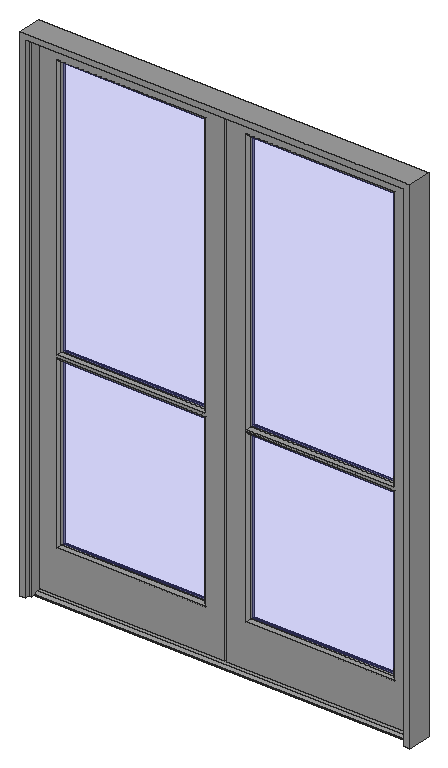
Revit family "MS-375 PIVOT DOOR-Double-0.25-CW_v05", category Curtain Panels, Revit 2015
Parameters
  Width [instance] = 6' - 2"
  URL = "obe.com"
  Rough Width = 6' - 0"
  Panel Width [instance] = Min Panel Width  # 6' - 0"
  Panel Offset [instance] = 0' - 0"
  Offset [instance] = 0' - 1"
  Model = "MS-375 DOOR"
  Min Rough Width = if(Rough Width > 6' 1 255/256", Rough Width, 6' 2")  # 6' - 2"
  Min Panel Width = if(Rough Width > 6' 1 255/256", Rough Width - 0' 2", 6' 0")  # 6' - 0"
  Manufacturer = "Oldcastle BuildingEnvelope®"
  Keynote = "08 11 00"
  Height [instance] = 8' - 0"
  Pushbar Height [instance] = 3' - 5 1/4"  # constant formula
  Glass Material = Glass
  Frame Material = Aluminum
  Door Panel Height [instance] = Height - 0' 0 19/32"  # 7' - 11 13/32"
  Description = "MS-375 - 1/4\" Door Infill"
  Assembly Code = "B2030"
  Analytic Construction = "<None>"
  8 Muntin [instance] = no
  6.5 Muntin [instance] = no
  10 Bottom Rail [instance] = not([8 Bottom Rail])  # no
  4 Muntin [instance] = no
  8 Bottom Rail [instance] = yes
  1.875 Muntin [instance] = no
  0.5 Muntin [instance] = if(or([1.875 Muntin], [4 Muntin], [6.5 Muntin], [8 Muntin]), 1 = 2, 1 = 1)  # yes
Reference planes (in)
  plane 1 "Front": y = 0
  plane 2: z = 0
  plane 3 "Center (Left/Right)": x = 0
  plane 4 "Left": x = -37
  plane 5 "Right": x = 37
  plane 6 "Top": z = 96
  plane 7 "Offset": y = -1
  plane 8: y = -2.28244
  plane 9: y = -2.28244
  plane 10: x = -37
  plane 11: x = 37
Forms (in)
  Sweep 1, solid, material "Aluminum" <- "Frame Material"
    path origin (0, -1, 0) x (-1, 0, 0) y (0, 0, 1)
      loop
        line (37, 0) -> (37, 96)
    profile origin (-37, -1, 48) x (1, 0, 0) y (0, 1, 0)
      loop
        line (1, -1.97) -> (1, 0) -> (0, 0) -> (0, -4.5) -> (1, -4.5) -> (1, -3.595) -> (1.5, -3.595) -> (1.5, -1.97) -> (1, -1.97)
  Sweep 2, solid, material "Aluminum" <- "Frame Material"
    path origin (0, -1, 0) x (-1, 0, 0) y (0, 0, 1)
      loop
        line (-37, 0) -> (-37, 96)
    profile origin (37, -1, 48) x (1, 0, 0) y (0, 1, 0)
      loop
        line (-1, -1.97) -> (-1.5, -1.97) -> (-1.5, -3.595) -> (-1, -3.595) -> (-1, -4.5) -> (0, -4.5) -> (0, 0) -> (-1, 0) -> (-1, -1.97)
  Extrusion 3, solid, material "Aluminum" <- "Frame Material"
    sketch origin (-37, 0, 0) x (0, -1, 0) y (0, 0, 1)
      loop
        line (2.97, 94.5) -> (4.595, 94.5) -> (4.595, 95) -> (5.5, 95) -> (5.5, 96) -> (1, 96) -> (1, 95) -> (2.97, 95) -> (2.97, 94.5)
    from -74 to 0
Cuts and joins
  joined: Sweep 1, Sweep 2, Extrusion 3
Text (in)
  text "Exterior" at (-54.29358, 31.38743, 0), in view "Ref. Level"
  text "Exterior" at (480, 41.53993, 89.60405), in view "Right"
  text "Exterior" at (-240, 57.82419, 105.78864), in view "Left"
Dimensions and locks (in)
  equal spacing: plane 4 "Left", plane 3 "Center (Left/Right)", plane 5 "Right"
  "Width": plane 4 "Left" to plane 5 "Right"
  "Height": plane 6 "Top" to plane 2
  "Offset": plane 1 "Front" to plane 7 "Offset"
  locked: plane 7 "Offset" to plane 8 at 1.28244
  locked: plane 7 "Offset" to plane 9 at 1.28244
  Extrusion 3 sketch curve to Extrusion 3 sketch curve to Extrusion 3 sketch curve = 0' - 0 1/2" locked, 0' - 0" locked
  locked: Extrusion 3 sketch curve to Extrusion 3 sketch curve at 1
  plane 7 "Offset" to Extrusion 3 sketch curve to Extrusion 3 sketch curve to Extrusion 3 sketch curve to Extrusion 3 sketch curve = 0' - 0" locked, 0' - 1.97" locked, 0' - 1 5/8" locked, 0' - 0.905" locked
  equal spacing: plane 10, plane 3 "Center (Left/Right)", plane 11
  "Min Rough Width": plane 10 to plane 11
  aligned and locked: level to plane 2
  aligned and locked: plane 6 "Top" to Sweep 1 sketch curve
  aligned and locked: level to Sweep 1 sketch curve
  aligned and locked: plane 6 "Top" to Sweep 2 sketch curve
  aligned and locked: level to Sweep 2 sketch curve
  aligned and locked: Extrusion 3 to plane 6 "Top"
  aligned and locked: Extrusion 3 sketch curve to plane 6 "Top"
  aligned and locked: nested 1 to plane 7 "Offset"  (x2)
  aligned and locked: plane 3 "Center (Left/Right)" to nested 1
  aligned and locked: Sweep 1 sketch curve to plane 10
  aligned and locked: cut or joined group of Sweep 1, Sweep 2, Extrusion 3 to plane 10
  aligned and locked: Sweep 2 sketch curve to plane 11
  aligned and locked: plane 11 to cut or joined group of Sweep 1, Sweep 2, Extrusion 3
Automatic sketch dimensions
  Sweep 1 sketch curve to profile plane = 0' - 0"
  Sweep 1 sketch curve to plane 7 "Offset" = 0' - 0"
  Sweep 1 sketch curve to profile plane = 0' - 1"  (x2)
  Sweep 1 sketch curve to Sweep 1 sketch curve = 0' - 0 1/2"
  Sweep 1 sketch curve to plane 7 "Offset" = 0' - 1.97"
  Sweep 1 sketch curve to Sweep 1 sketch curve = 0' - 1 5/8"
  Sweep 1 sketch curve to Sweep 1 sketch curve = 0' - 0.905"
  Sweep 2 sketch curve to plane 7 "Offset" = 0' - 0"
  Sweep 2 sketch curve to profile plane = 0' - 0"
  profile plane to Sweep 2 sketch curve = 0' - 1"  (x2)
  Sweep 2 sketch curve to Sweep 2 sketch curve = 0' - 0 1/2"
  Sweep 2 sketch curve to plane 7 "Offset" = 0' - 1.97"
  Sweep 2 sketch curve to Sweep 2 sketch curve = 0' - 1 5/8"
  Sweep 2 sketch curve to Sweep 2 sketch curve = 0' - 0.905"
Nested families (in)
  nested 1: "MS-375 PIVOT DOOR-Double-0.25-Panel_v04" at (0, -17, 0), Frame Material <- "Frame Material", Glass Material <- "Glass Material", 0.5 Muntin <- "0.5 Muntin", 1.875 Muntin <- "1.875 Muntin", 4 Muntin <- "4 Muntin", 6.5 Muntin <- "6.5 Muntin", 8 Muntin <- "8 Muntin", Height <- "Door Panel Height", Width <- "Min Panel Width", 8 Bottom Rail <- "8 Bottom Rail", type "MS-375 PIVOT DOOR-Double-0.25-Panel_v04"
    with Wing Width 3' - 0", built-in parameter 1001301 6' - 0", Pushbar Height 3' - 5 1/4", Offset 0' - 0", built-in parameter 1001300 7' - 11 13/32", Glass at Muntin 0' - 1 1/16", Glass Material Glass, Frame Material Aluminum, Bottom Rail 0' - 8 31/32", 8 Muntin no, 8 Bottom Rail yes, 6.5 Muntin no, 4 Muntin no, 1.875 Muntin no, 0.5 Muntin yes
Definition of nested family "MS-375 PIVOT DOOR-Double-0.25-Panel_v04"
  Parameters (values of type "MS-375 PIVOT DOOR-Double-0.25-Panel_v04")
    Wing Width [instance] = Width / 2  # 3' - 0"
    Width [instance] = 6' - 0"
    Offset [instance] = 0' - 10 29/32"
    Height [instance] = 8' - 0"
    Glass at Muntin [instance] = if([8 Muntin], 0' 8 9/16", if([6.5 Muntin], 0' 7 1/16", if([4 Muntin], 0' 4 9/16", if([1.875 Muntin], 0' 2 109/256", 0' 1 1/16"))))  # 0' - 1 1/16"
    Pushbar Height [instance] = 3' - 5 1/4"  # constant formula
    Glass Material [instance] = none
    Frame Material [instance] = none
    Bottom Rail [instance] = if([8 Bottom Rail], 0' 8 31/32", 0' 10 31/32")  # 0' - 8 31/32"
    Analytic Construction = "<None>"
    8 Muntin [instance] = no
    6.5 Muntin [instance] = no
    4 Muntin [instance] = no
    8 Bottom Rail [instance] = yes
    1.875 Muntin [instance] = no
    0.5 Muntin [instance] = if(or([1.875 Muntin], [4 Muntin], [6.5 Muntin], [8 Muntin]), 1 = 2, 1 = 1)  # yes
  Reference planes (in)
    plane 1 "00": y = 4.09375
    plane 2: z = 0
    plane 3 "Center (Left/Right)": x = 0
    plane 4: z = 96
    plane 5: x = 36
    plane 6: x = -36
    plane 7 "Center (Front/Back)": y = 16
    plane 8 "Exterior": y = 4.21875
    plane 9: z = 48
    plane 10: z = 92.18737
    plane 11: z = 41.78125
    plane 12: z = 40.71875
    plane 13: z = 8.96875
    plane 14 "Offset": y = 5.09375
    plane 15: z = 41.25
  Forms (in)
    Sweep 1, solid, material <- "Frame Material"
      path origin (0, 4.09375, 0) x (1, 0, 0) y (0, 0, 1)
        loop
          line (-35.79246, 96) -> (-0.22004, 96)
      profile origin (-18.00625, 4.09375, 96) x (0, 0, 1) y (0, -1, 0)
        loop
          line (-0.40638, -0.875) -> (-0.40638, 0.875) -> (-3.52731, 0.875) -> (-4.03138, 0.45204) -> (-4.03138, 0.125) -> (-3.81263, 0.125) -> (-3.81263, -0.125) -> (-4.03138, -0.125) -> (-4.03138, -0.45204) -> (-3.52731, -0.875) -> (-0.40638, -0.875)
    Sweep 2, solid, material <- "Frame Material"
      path origin (0, 4.09375, 0) x (1, 0, 0) y (0, 0, 1)
        loop
          line (-0.22004, 0) -> (-35.79246, 0)
      profile origin (-18.00625, 4.09375, 0) x (0, 0, -1) y (0, -1, 0)
        loop
          line (-8.68343, -0.875) -> (-0.6875, -0.875) -> (-0.6875, 0.875) -> (-8.68343, 0.875) -> (-9.1875, 0.45204) -> (-9.1875, 0.125) -> (-8.96875, 0.125) -> (-8.96875, -0.125) -> (-9.1875, -0.125) -> (-9.1875, -0.45204) -> (-8.68343, -0.875)
    Sweep 3, solid, material <- "Frame Material"
      path origin (0, 4.09375, 0) x (1, 0, 0) y (0, 0, 1)
        loop
          line (36, 95.59362) -> (36, 0.6875)
      profile origin (36, 4.09375, 48.14056) x (0, -1, 0) y (1, 0, 0)
        loop
          line (0.875, -0.19796) -> (-0.875, -0.08896) -> (-0.875, -3.83376) -> (-0.45204, -4.33783) -> (-0.125, -4.33783) -> (-0.125, -4.11908) -> (0.125, -4.11908) -> (0.125, -4.33783) -> (0.45204, -4.33783) -> (0.875, -3.83376) -> (0.875, -0.19796)
    Sweep 4, solid, material <- "Frame Material"
      path origin (0, 4.09375, 0) x (1, 0, 0) y (0, 0, 1)
        loop
          line (-36, 95.59362) -> (-36, 0.6875)
      profile origin (-36, 4.09375, 48.14056) x (0, -1, 0) y (1, 0, 0)
        loop
          line (-0.875, 0.09854) -> (0.875, 0.20754) -> (0.875, 3.84334) -> (0.45204, 4.34741) -> (0.125, 4.34741) -> (0.125, 4.12866) -> (-0.125, 4.12866) -> (-0.125, 4.34741) -> (-0.45204, 4.34741) -> (-0.875, 3.84334) -> (-0.875, 0.09854)
    Sweep 5, solid, material <- "Frame Material"
      path origin (0, 4.09375, 0) x (1, 0, 0) y (0, 0, 1)
        loop
          line (-3.80843, 48) -> (-35.79246, 48)
      profile origin (-19.80045, 4.09375, 48) x (0, 0, -1) y (0, -1, 0)
        loop
          line (6, 0.45204) -> (6, 0.125) -> (6.21875, 0.125) -> (6.21875, -0.125) -> (6, -0.125) -> (6, -0.45204) -> (6.50407, -0.875) -> (6.99593, -0.875) -> (7.5, -0.45204) -> (7.5, -0.125) -> (7.28125, -0.125) -> (7.28125, 0.125) -> (7.5, 0.125) -> (7.5, 0.45204) -> (6.99593, 0.875) -> (6.50407, 0.875) -> (6, 0.45204)
    Sweep 6, solid, material <- "Frame Material"
      path origin (0, 4.09375, 0) x (1, 0, 0) y (0, 0, 1)
        loop
          line (0, 95.59362) -> (0, 0.6875)
      profile origin (0, 4.09375, 48.14056) x (0, -1, 0) y (1, 0, 0)
        loop
          line (-0.875, -0.22004) -> (-0.875, -3.80843) -> (-0.45204, -4.3125) -> (-0.125, -4.3125) -> (-0.125, -4.09375) -> (0.125, -4.09375) -> (0.125, -4.3125) -> (0.45204, -4.3125) -> (0.875, -3.80843) -> (0.875, -0.22004)
          arc (0.875, -0.22004) -> (0, -0.0625) -> (-0.875, -0.22004) r 2.50872
        loop
          arc (-0.875, 0.22004) -> (0, 0.0625) -> (0.875, 0.22004) r 2.50872
          line (0.875, 0.22004) -> (0.875, 3.80843) -> (0.45204, 4.3125) -> (0.125, 4.3125) -> (0.125, 4.09375) -> (-0.125, 4.09375) -> (-0.125, 4.3125) -> (-0.45204, 4.3125) -> (-0.875, 3.80843) -> (-0.875, 0.22004)
    Sweep 7, solid, material <- "Frame Material"
      path origin (0, 4.09375, 0) x (1, 0, 0) y (0, 0, 1)
        loop
          line (0.22004, 96) -> (35.80204, 96)
      profile origin (18.01104, 4.09375, 96) x (0, 0, 1) y (0, -1, 0)
        loop
          line (-0.40638, -0.875) -> (-0.40638, 0.875) -> (-3.52731, 0.875) -> (-4.03138, 0.45204) -> (-4.03138, 0.125) -> (-3.81263, 0.125) -> (-3.81263, -0.125) -> (-4.03138, -0.125) -> (-4.03138, -0.45204) -> (-3.52731, -0.875) -> (-0.40638, -0.875)
    Sweep 8, solid, material <- "Frame Material"
      path origin (0, 4.09375, 0) x (1, 0, 0) y (0, 0, 1)
        loop
          line (35.80204, 48) -> (3.80843, 48)
      profile origin (19.80524, 4.09375, 48) x (0, 0, -1) y (0, -1, 0)
        loop
          line (6, 0.45204) -> (6, 0.125) -> (6.21875, 0.125) -> (6.21875, -0.125) -> (6, -0.125) -> (6, -0.45204) -> (6.50407, -0.875) -> (6.99593, -0.875) -> (7.5, -0.45204) -> (7.5, -0.125) -> (7.28125, -0.125) -> (7.28125, 0.125) -> (7.5, 0.125) -> (7.5, 0.45204) -> (6.99593, 0.875) -> (6.50407, 0.875) -> (6, 0.45204)
    Sweep 9, solid, material <- "Frame Material"
      path origin (0, 4.09375, 0) x (1, 0, 0) y (0, 0, 1)
        loop
          line (35.80204, 0) -> (0.22004, 0)
      profile origin (18.01104, 4.09375, 0) x (0, 0, -1) y (0, -1, 0)
        loop
          line (-8.68343, -0.875) -> (-0.6875, -0.875) -> (-0.6875, 0.875) -> (-8.68343, 0.875) -> (-9.1875, 0.45204) -> (-9.1875, 0.125) -> (-8.96875, 0.125) -> (-8.96875, -0.125) -> (-9.1875, -0.125) -> (-9.1875, -0.45204) -> (-8.68343, -0.875)
    Extrusion 10, solid, material <- "Glass Material"
      sketch origin (0, 0, 0) x (1, 0, 0) y (0, 1, 0)
        loop
          line (-31.87021, 4.21875) -> (-31.87021, 3.96875) -> (-4.09375, 3.96875) -> (-4.09375, 4.21875) -> (-31.87021, 4.21875)
      from 8.96875 to 40.71875
    Extrusion 11, solid, material <- "Glass Material"
      sketch origin (0, 0, 0) x (1, 0, 0) y (0, 1, 0)
        loop
          line (4.09375, 4.21875) -> (4.09375, 3.96875) -> (31.87979, 3.96875) -> (31.87979, 4.21875) -> (4.09375, 4.21875)
      from 8.96875 to 40.71875
    Extrusion 12, solid, material <- "Glass Material"
      sketch origin (0, 0, 0) x (1, 0, 0) y (0, 1, 0)
        loop
          line (-4.09375, 4.21875) -> (-31.87021, 4.21875) -> (-31.87021, 3.96875) -> (-4.09375, 3.96875) -> (-4.09375, 4.21875)
      from 41.78125 to 92.18737
    Extrusion 13, solid, material <- "Glass Material"
      sketch origin (0, 0, 0) x (1, 0, 0) y (0, 1, 0)
        loop
          line (31.87979, 4.21875) -> (4.09375, 4.21875) -> (4.09375, 3.96875) -> (31.87979, 3.96875) -> (31.87979, 4.21875)
      from 41.78125 to 92.18737
    Sweep 14, solid, material <- "Frame Material"
      path origin (0, 5.09375, 0) x (1, 0, 0) y (0, 0, 1)
        loop
          line (-35.79246, 0) -> (35.80204, 0)
      profile origin (0.00479, 5.09375, 0) x (0, 0, 1) y (0, -1, 0)
        loop
          line (0.5, 2.468) -> (0.19364, 3.125) -> (0, 3.125) -> (0, -0.875) -> (0.19364, -0.875) -> (0.5, -0.218) -> (0.5, 2.468)
  Cuts and joins
    joined: Sweep 1, Sweep 2, Sweep 3, Sweep 4, Sweep 5, Sweep 6, Sweep 7, Sweep 8, Sweep 9
  Lines and regions (in)
    model lines
      curve 1: line (4.09375, 4.21875, 92.18737) -> (31.66217, 4.21875, 48)
      curve 2: line (31.66217, 4.21875, 48) -> (4.09375, 4.21875, 8.96875)
      curve 3: line (-4.09375, 4.21875, 92.18737) -> (-31.65259, 4.21875, 48)
      curve 4: line (-31.65259, 4.21875, 48) -> (-4.09375, 4.21875, 8.96875)
  Dimensions and locks (in)
    "Height": plane 4 to level
    "Width": plane 6 to plane 5
    "Offset": plane 14 "Offset" to plane 7 "Center (Front/Back)"
    plane 1 "00" to plane 8 "Exterior" to plane 14 "Offset" = 0' - 0 1/8" locked, 0' - 0 7/8" locked
    equal spacing: level, plane 9, plane 4
    Sweep 2 sketch curve to plane 6 = 0' - 0.20754"
    locked: plane 3 "Center (Left/Right)" to Sweep 2 sketch curve at 0.22004
    locked: Sweep 3 sketch curve to plane 4 at 0.40638
    locked: Sweep 4 sketch curve to plane 4 at 0.40638
    locked: Sweep 1 sketch curve to plane 6 at 0.20754
    locked: plane 3 "Center (Left/Right)" to Sweep 1 sketch curve at 0.22004
    Sweep 2 sketch curve to Sweep 2 sketch curve to plane 13 to Sweep 2 sketch curve to Sweep 2 sketch curve = 0' - 0" locked, 0' - 0 7/32" locked, 0' - 0.28532" locked, 0' - 0" locked
    locked: plane 3 "Center (Left/Right)" to Sweep 5 sketch curve at 3.80843
    locked: Sweep 5 sketch curve to plane 6 at 0.20754
    "Glass at Muntin": plane 11 to plane 12
    plane 11 to Sweep 5 sketch curve to Sweep 5 sketch curve = 0' - 0.28532" locked, 0' - 0" locked
    Sweep 5 sketch curve to Sweep 5 sketch curve to plane 12 to Sweep 5 sketch curve to Sweep 5 sketch curve = 0' - 0" locked, 0' - 0.28532" locked, 0' - 0 7/32" locked, 0' - 0" locked
    locked: Sweep 7 sketch curve to plane 3 "Center (Left/Right)" at 0.22004
    locked: plane 5 to Sweep 7 sketch curve at 0.19796
    Sweep 8 sketch curve to Sweep 8 sketch curve to plane 12 to Sweep 8 sketch curve to Sweep 8 sketch curve = 0' - 0" locked, 0' - 0.28532" locked, 0' - 0 7/32" locked, 0' - 0" locked
    locked: plane 5 to Sweep 8 sketch curve at 0.19796
    Sweep 8 sketch curve to plane 3 "Center (Left/Right)" = 0' - 3.80843"
    Sweep 9 sketch curve to Sweep 9 sketch curve to plane 13 to Sweep 9 sketch curve to Sweep 9 sketch curve = 0' - 0" locked, 0' - 0 7/32" locked, 0' - 0.28532" locked, 0' - 0" locked
    locked: plane 5 to Sweep 9 sketch curve at 0.19796
    locked: Sweep 9 sketch curve to plane 3 "Center (Left/Right)" at 0.22004
    Extrusion 11 sketch curve to plane 1 "00" to Extrusion 11 sketch curve = 0' - 0 1/8" locked, 0' - 0 1/8" locked
    locked: Extrusion 11 sketch curve to plane 5 at 4.12021
    locked: plane 3 "Center (Left/Right)" to Extrusion 11 sketch curve at 4.09375
    Extrusion 10 sketch curve to plane 1 "00" to Extrusion 10 sketch curve = 0' - 0 1/8" locked, 0' - 0 1/8" locked
    locked: plane 6 to Extrusion 10 sketch curve at 4.12979
    locked: Extrusion 10 sketch curve to plane 3 "Center (Left/Right)" at 4.09375
    "Bottom Rail": level to plane 13
    locked: plane 6 to Extrusion 12 sketch curve at 4.12979
    locked: Extrusion 12 sketch curve to plane 3 "Center (Left/Right)" at 4.09375
    Extrusion 12 sketch curve to plane 1 "00" to Extrusion 12 sketch curve = 0' - 0 1/8" locked, 0' - 0 1/8" locked
    locked: plane 4 to plane 10 at 3.81263
    Extrusion 13 sketch curve to plane 1 "00" to Extrusion 13 sketch curve = 0' - 0 1/8" locked, 0' - 0 1/8" locked
    locked: Extrusion 13 sketch curve to plane 5 at 4.12021
    locked: plane 3 "Center (Left/Right)" to Extrusion 13 sketch curve at 4.09375
    locked: Sweep 6 sketch curve to plane 4 at 0.40638
    Sweep 8 sketch curve to Sweep 8 sketch curve to plane 11 = 0' - 0" locked, 0' - 0.28532" locked
    equal spacing: plane 6, plane 3 "Center (Left/Right)", plane 5
    equal spacing: plane 12, plane 15, plane 11
    "Pushbar Height": plane 2 to plane 15
    locked: plane 5 to Sweep 14 sketch curve at 0.19796
    locked: Sweep 14 sketch curve to plane 6 at 0.20754
    locked: Sweep 4 sketch curve to plane 2 at 0.6875
    locked: Sweep 6 sketch curve to plane 2 at 0.6875
    locked: Sweep 3 sketch curve to plane 2 at 0.6875
    aligned and locked: plane 2 to level
    aligned and locked: Sweep 1 sketch curve to plane 4
    aligned and locked: Sweep 2 sketch curve to level
    aligned and locked: plane 5 to Sweep 3 sketch curve
    aligned and locked: plane 6 to Sweep 4 sketch curve
    aligned and locked: Sweep 5 sketch curve to plane 9
    aligned and locked: plane 3 "Center (Left/Right)" to Sweep 6 sketch curve
    aligned and locked: Sweep 9 sketch curve to level
    aligned and locked: Sweep 8 sketch curve to plane 9
    aligned and locked: plane 4 to Sweep 7 sketch curve
    aligned and locked: Extrusion 12 to cut or joined group of Sweep 1, Sweep 2, Sweep 3, Sweep 4, Sweep 5, Sweep 6, Sweep 7, Sweep 8, Sweep 9
    aligned and locked: Extrusion 13 to cut or joined group of Sweep 1, Sweep 2, Sweep 3, Sweep 4, Sweep 5, Sweep 6, Sweep 7, Sweep 8, Sweep 9
    aligned and locked: Extrusion 12 to plane 10
    aligned and locked: Extrusion 10 to plane 12
    aligned and locked: plane 11 to Extrusion 12
    aligned and locked: plane 13 to Extrusion 10
    aligned and locked: Extrusion 13 to plane 10
    aligned and locked: plane 11 to Extrusion 13
    aligned and locked: Extrusion 11 to plane 12
    aligned and locked: plane 13 to Sweep 9 sketch curve
    aligned and locked: Sweep 5 sketch curve to plane 12
    aligned and locked: cut or joined group of Sweep 1, Sweep 2, Sweep 3, Sweep 4, Sweep 5, Sweep 6, Sweep 7, Sweep 8, Sweep 9 to curve 2
    aligned and locked: plane 13 to curve 2
    aligned and locked: cut or joined group of Sweep 1, Sweep 2, Sweep 3, Sweep 4, Sweep 5, Sweep 6, Sweep 7, Sweep 8, Sweep 9 to curve 1
    aligned and locked: curve 3 to cut or joined group of Sweep 1, Sweep 2, Sweep 3, Sweep 4, Sweep 5, Sweep 6, Sweep 7, Sweep 8, Sweep 9
    aligned and locked: plane 9 to curve 3
    aligned and locked: cut or joined group of Sweep 1, Sweep 2, Sweep 3, Sweep 4, Sweep 5, Sweep 6, Sweep 7, Sweep 8, Sweep 9 to curve 4
    aligned and locked: plane 13 to curve 4
    aligned and locked: plane 13 to Extrusion 11
    aligned and locked: Sweep 14 sketch curve to plane 2
  Automatic sketch dimensions
    plane 1 "00" to Sweep 6 sketch curve = 0' - 0"  (x2)
    Sweep 6 sketch curve to plane 1 "00" = 0' - 0 1/8"  (x2)
    Sweep 6 sketch curve to Sweep 6 sketch curve = 0' - 0.32704"  (x4)
    Sweep 6 sketch curve to profile plane = 0' - 0.22004"
    Sweep 6 sketch curve to plane 1 "00" = 0' - 0 7/8"
    Sweep 6 sketch curve to Sweep 6 sketch curve = 0' - 0.42296"  (x3)
    plane 1 "00" to Sweep 6 sketch curve = 0' - 0 1/8"  (x2)
    profile plane to Sweep 6 sketch curve = 0' - 0.22004"
    Sweep 6 sketch curve to Sweep 6 sketch curve = 0' - 3.58839"  (x2)
    Sweep 6 sketch curve to Sweep 6 sketch curve = 0' - 0"  (x2)
    Sweep 6 sketch curve to Sweep 6 sketch curve = 0' - 0.28532"  (x2)
    Sweep 6 sketch curve to Sweep 6 sketch curve = 0' - 1.52253"  (x2)
    Sweep 6 sketch curve to Sweep 6 sketch curve = 0' - 1.74128"  (x4)
    plane 1 "00" to Sweep 1 sketch curve = 0' - 0 1/8"
    profile plane to Sweep 1 sketch curve = 0' - 4.03138"
    Sweep 1 sketch curve to plane 1 "00" = 0' - 0.45204"
    Sweep 1 sketch curve to Sweep 1 sketch curve = 0' - 0"
    Sweep 1 sketch curve to Sweep 1 sketch curve = 0' - 0 7/32"
    plane 1 "00" to Sweep 1 sketch curve = 0' - 0 7/8"
    Sweep 1 sketch curve to Sweep 1 sketch curve = 0' - 0.50407"  (x2)
    profile plane to Sweep 1 sketch curve = 0' - 0.40638"
    Sweep 1 sketch curve to plane 1 "00" = 0' - 0 7/8"
    Sweep 1 sketch curve to plane 1 "00" = 0' - 0 1/8"
    Sweep 1 sketch curve to Sweep 1 sketch curve = 0' - 0.32704"
    Sweep 5 sketch curve to Sweep 5 sketch curve = 0' - 0 7/32"  (x2)
    Sweep 5 sketch curve to plane 1 "00" = 0' - 0 7/8"
    Sweep 5 sketch curve to plane 1 "00" = 0' - 0.45204"  (x2)
    Sweep 5 sketch curve to plane 1 "00" = 0' - 0 1/8"  (x2)
    plane 1 "00" to Sweep 5 sketch curve = 0' - 0 1/8"  (x2)
    Sweep 5 sketch curve to Sweep 5 sketch curve = 0' - 0.32704"  (x2)
    Sweep 5 sketch curve to Sweep 5 sketch curve = 0' - 0.42296"
    profile plane to Sweep 2 sketch curve = 0' - 0 11/16"
    Sweep 2 sketch curve to plane 1 "00" = 0' - 0.45204"
    Sweep 2 sketch curve to plane 1 "00" = 0' - 0 1/8"
    plane 1 "00" to Sweep 2 sketch curve = 0' - 0 1/8"
    Sweep 2 sketch curve to Sweep 2 sketch curve = 0' - 0.32704"
    Sweep 2 sketch curve to Sweep 2 sketch curve = 0' - 0.42296"  (x2)
    Sweep 2 sketch curve to Sweep 2 sketch curve = 0' - 0 7/32"
    plane 1 "00" to Sweep 7 sketch curve = 0' - 0 1/8"
    profile plane to Sweep 7 sketch curve = 0' - 4.03138"
    Sweep 7 sketch curve to plane 1 "00" = 0' - 0.45204"
    Sweep 7 sketch curve to Sweep 7 sketch curve = 0' - 0"
    Sweep 7 sketch curve to Sweep 7 sketch curve = 0' - 0 7/32"
    plane 1 "00" to Sweep 7 sketch curve = 0' - 0 7/8"
    Sweep 7 sketch curve to Sweep 7 sketch curve = 0' - 0.50407"  (x2)
    profile plane to Sweep 7 sketch curve = 0' - 0.40638"
    Sweep 7 sketch curve to plane 1 "00" = 0' - 0 7/8"
    Sweep 7 sketch curve to plane 1 "00" = 0' - 0 1/8"
    Sweep 7 sketch curve to Sweep 7 sketch curve = 0' - 0.32704"
    profile plane to Sweep 9 sketch curve = 0' - 0 11/16"
    Sweep 9 sketch curve to plane 1 "00" = 0' - 0.45204"
    Sweep 9 sketch curve to plane 1 "00" = 0' - 0 1/8"
    plane 1 "00" to Sweep 9 sketch curve = 0' - 0 1/8"
    Sweep 9 sketch curve to Sweep 9 sketch curve = 0' - 0.32704"
    Sweep 9 sketch curve to Sweep 9 sketch curve = 0' - 0.42296"  (x2)
    Sweep 8 sketch curve to Sweep 8 sketch curve = 0' - 0 7/32"  (x3)
    Sweep 8 sketch curve to plane 1 "00" = 0' - 0 7/8"
    Sweep 8 sketch curve to plane 1 "00" = 0' - 0.45204"  (x2)
    Sweep 8 sketch curve to plane 1 "00" = 0' - 0 1/8"  (x2)
    plane 1 "00" to Sweep 8 sketch curve = 0' - 0 1/8"  (x2)
    Sweep 8 sketch curve to Sweep 8 sketch curve = 0' - 0.32704"  (x2)
    Sweep 8 sketch curve to Sweep 8 sketch curve = 0' - 0.42296"
    Sweep 3 sketch curve to plane 1 "00" = 0' - 0 7/8"
    Sweep 3 sketch curve to plane 1 "00" = 0' - 0.45204"
    Sweep 3 sketch curve to plane 1 "00" = 0' - 0 1/8"
    plane 1 "00" to Sweep 3 sketch curve = 0' - 0 1/8"
    Sweep 3 sketch curve to Sweep 3 sketch curve = 0' - 0.32704"
    Sweep 3 sketch curve to Sweep 3 sketch curve = 0' - 0.42296"
    profile plane to Sweep 3 sketch curve = 0' - 4.33783"
    Sweep 3 sketch curve to Sweep 3 sketch curve = 0' - 0"
    Sweep 3 sketch curve to Sweep 3 sketch curve = 0' - 0 7/32"
    Sweep 3 sketch curve to Sweep 3 sketch curve = 0' - 0.50407"  (x2)
    profile plane to Sweep 3 sketch curve = 0' - 0.08896"
    profile plane to Sweep 3 sketch curve = 0' - 0.19796"
    Sweep 4 sketch curve to plane 1 "00" = 0' - 0 7/8"
    Sweep 4 sketch curve to plane 1 "00" = 0' - 0.45204"
    Sweep 4 sketch curve to plane 1 "00" = 0' - 0 1/8"
    plane 1 "00" to Sweep 4 sketch curve = 0' - 0 1/8"
    Sweep 4 sketch curve to Sweep 4 sketch curve = 0' - 0.32704"
    Sweep 4 sketch curve to Sweep 4 sketch curve = 0' - 0.42296"
    Sweep 4 sketch curve to profile plane = 0' - 3.84334"
    Sweep 4 sketch curve to Sweep 4 sketch curve = 0' - 0"
    Sweep 4 sketch curve to Sweep 4 sketch curve = 0' - 0.28532"
    Sweep 4 sketch curve to Sweep 4 sketch curve = 0' - 0 7/32"  (x2)
    Sweep 4 sketch curve to profile plane = 0' - 0.20754"
    Sweep 4 sketch curve to profile plane = 0' - 0.09854"
    Sweep 8 sketch curve to Sweep 8 sketch curve = 0' - 0.28532"
    Sweep 5 sketch curve to Sweep 5 sketch curve = 0' - 0.28532"
    curve 2 to plane 9 = 0' - 0"
    curve 3 to plane 10 = 0' - 0"
    curve 1 to plane 10 = 0' - 0"
    curve 2 to plane 5 = 0' - 4.33783"
    plane 6 to curve 3 = 0' - 4.34741"
    Sweep 14 sketch curve to profile plane = 0' - 0.19364"  (x2)
    Sweep 14 sketch curve to plane 14 "Offset" = 0' - 0.218"
    Sweep 14 sketch curve to Sweep 14 sketch curve = 0' - 2.686"
    Sweep 14 sketch curve to profile plane = 0' - 0"
    Sweep 14 sketch curve to Sweep 14 sketch curve = 0' - 0.657"  (x2)
    Sweep 14 sketch curve to profile plane = 0' - 0 1/2"
